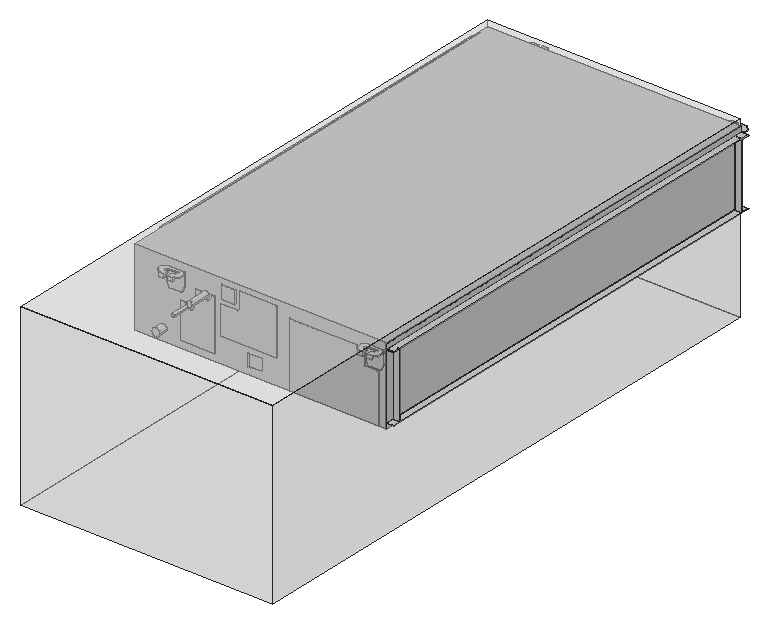
Revit family "outputfile", category 機械設備, Revit 2024
Family settings
  丸型コネクタ寸法 = 半径を使用
  パーツ タイプ = 標準
  OmniClass 番号 = 23.75.10.24.21.27.27
  OmniClass タイトル = Split System Air Conditioning Units
  作業面ベース = いいえ
  常に垂直 = はい
  ロード時にボイドで切り取り = いいえ
  注釈の向きを維持 = いいえ
  共有 = いいえ
  部屋計算ポイント = はい
Parameters (values of type "FBFC140DVM4")
  Description = ""
  製造元 = "Daikin"
  書き出し IFC クラス(タイプ) = "IfcUnitaryEquipmentType"
  定義済み IFC タイプ(タイプ) = "AIRCONDITIONINGUNIT"
  Cost = 0
  モデル = "FBFC140DVM4"
  Type Comments = ""
  Keynote = ""
  Type Image = (empty or 0)
  Assembly Code = ""
  switch_frequency = yes
  r_Liquid Pipe Size = Liquid Pipe Size / 2  # 4.75 mm
  r_Gas Pipe Size = Gas Pipe Size / 2  # 7.95 mm
  r_Drain Pipe Size = Drain Pipe Size / 2  # 12.5 mm
  lw_power = 770.0 mm  # constant formula
  lh_SA = 138.0 mm  # constant formula
  lw_SA = if(Depth = 550.0 mm, 225.0 mm, if(Depth = 700.0 mm, 300.0 mm, if(Depth = 1000.0 mm, 450.0 mm, if(Depth = 1400.0 mm, 650.0 mm, 725.0 mm))))  # 650.0 mm
  lw_RA = if(Depth = 550.0 mm, 275.0 mm, if(Depth = 700.0 mm, 349.0 mm, if(Depth = 1000.0 mm, 499.0 mm, if(Depth = 1400.0 mm, 699.0 mm, 775.0 mm))))  # 699.0 mm
  lh_power = 60.0 mm + [h***]  # 60.0 mm
  lh_mountinghole1 = lh_mountinghole + [h***]  # 222.0 mm
  lh_RA = 123.0 mm  # constant formula
  ld_power = Depth / 2  # 700.0 mm
  connector_voltage = Voltage_50Hz  # 230 V
  connector_powerinput = [Power Input (Cooling)]  # 0.000 kW
  connector_phase = Phase_50Hz  # 1
  Voltage_comment_50Hz = "220 - 240"
  Voltage_50Hz = 230 V
  URL = ""
  Supply Air Direction [instance] = yes
  Sound Power Level_H speed (dB) = 0
  Phase_50Hz = 1
  Minimum External Static Pressure = 50.00 Pa
  Minimum Circuit Amps_50Hz = 0.0 A
  Maximum Fuse Amps_50Hz = 0.0 A
  Maximum External Static Pressure = 150.00 Pa
  Material_Casing = DAIKIN_GalvanizedSteel_Casing_indoorunit
  lw_mountinghole = 630.0 mm  # constant formula
  lh_gaspipe = 183.0 mm + [h***]  # 183.0 mm
  lh_mountinghole = 222.0 mm  # constant formula
  lh_liquidpipe = 136.0 mm + [h***]  # 136.0 mm
  lh_drainpipe = 38.0 mm + [h***]  # 38.0 mm
  lh_antena = Height - lh_mountinghole + 1.0 mm  # 24.0 mm
  ld_drainpipe = Depth / 2 + 26.0 mm  # 726.0 mm
  ld_liquidpipe = Depth / 2 + 69.0 mm  # 769.0 mm
  ld_gaspipe = Depth / 2 + 65.0 mm  # 765.0 mm
  ld_mountinghole = Depth + 38.0 mm  # 1438.0 mm
  h*** = 0.0 mm  # constant formula
  lw_liquidpipe = 179.0 mm  # constant formula
  lw_gaspipe = 229.0 mm  # constant formula
  lw_drainpipe = 91.0 mm  # constant formula
  Width = 800.0 mm
  Version = "ver.1.0"
  Unit Type = "M.S.P. Duct"
  Unit Mass Weight = 46.00 kg
  Unit Designation [instance] = ""
  Uniclass2015Version = "Products v1.30"
  Uniclass2015Title = "Split coil room air conditioning units"
  Uniclass2015Code = "Pr_70_65_03_86"
  Total Cooling Capacity [instance] = 0.000 kW
  Sound Pressure Level_M speed (dBA) = 37.5
  Sound Pressure Level_L speed (dBA) = 35
  Sound Pressure Level_H speed (dBA) = 40
  Series = "SkyAir_Fan Coil Unit"
  Sensible Cooling Capacity [instance] = 0.000 kW
  SA Duct Size Width = 1192.0 mm
  SA Duct Size Height = 176.0 mm
  Refrigerant Type = "R32"
  RA Duct Size Width = 1352.0 mm
  RA Duct Size Height = 208.0 mm
  Power Input (Cooling) = 0.000 kW
  Option Accessory 3 [instance] = ""
  Option Accessory 2 [instance] = ""
  Option Accessory 1 [instance] = ""
  Nominal Cooling Capacity = 14.000 kW
  Minimum Airflow = 1500.00 m³/h
  Median Airflow = 1830.00 m³/h
  Maximum Airflow = 2160.00 m³/h
  Load Classification = HVAC
  Liquid Pipe Size = 9.5 mm
  Link_Nested Family [instance] = ""
  IfcVersion = ""
  IfcExportType = "AIRCONDITIONINGUNIT"
  IfcExportAs = "IfcUnitaryEquipmentType"
  Height = 245.0 mm
  Heat Exchanger Type = "Cross Fin Coil"
  Gas Pipe Size = 15.9 mm
  Frequency_50Hz = 50 Hz
  Fan Type = "Sirocco Fan"
  Fan Drive = "Direct Drive"
  FCU Tag No. [instance] = ""
  Drain Pipe Size = 25.0 mm
  Design Supply Airflow [instance] = 0.00 m³/h
  Design Return Airflow [instance] = 0.00 m³/h
  Design External Static Pressure [instance] = 0.00 Pa
  Depth = 1400.0 mm
  既定の高さ = 0.0 mm
  Cooling Entering Wet Bulb Temperature [instance] = 0.00 °C
  Cooling Entering Dry Bulb Temperature [instance] = 0.00 °C
  Cooling Ambient Wet Bulb Temperature [instance] = 0.00 °C
  Cooling Ambient Dry Bulb Temperature [instance] = 0.00 °C
  Clearance visibility [instance] = yes
  Clearance Top = 20.0 mm
  Clearance Right = 0.0 mm
  Clearance Rear = 0.0 mm
  Clearance Left = 0.0 mm
  Clearance Front = 450.0 mm
  Clearance Bottom = 300.0 mm
Reference planes
  plane 1 "Center (Front/Back)": y = 0
  plane 2 "h": z = 0
  plane 3 "Center (Left/Right)": x = 0
  plane 4 "Back": y = 700
  plane 5 "Front": y = -700
  plane 6 "Left": x = -400
  plane 7 "Right": x = 400
  plane 8 "Top": z = 0
  plane 9 "Bottom": z = -245
  plane 10: y = -215
  plane 11: y = 700
  plane 12: y = -1150
  plane 13: x = -400
  plane 14: x = 400
  plane 15: z = 20
  plane 16: z = -545
  plane 17: x = -400
  plane 18: x = -399
  plane 19: x = 399
  plane 20: y = 50
  plane 21: y = -1
  plane 22: z = -122
  plane 23: y = -701
  plane 24: z = -109
  plane 25: x = -221
  plane 26: y = -765
  plane 27: z = -62
  plane 28: x = -171
  plane 29: y = -726
  plane 30: z = -207
  plane 31: x = -309
  plane 32: x = -309
  plane 33: x = -221
  plane 34: x = -171
  plane 35: x = 370
  plane 36: x = -266
  plane 37: x = 364
  plane 38: y = -719
  plane 39: y = 719
  plane 40: z = -23
  plane 41: z = -107
  plane 42: y = -769
  plane 43: y = -376
  plane 44: x = -251
  plane 45: x = -203
  plane 46: x = -144
  plane 47: z = -59
  plane 48: z = -106
  plane 49: z = -221
  plane 50: z = -109
  plane 51: x = -221
  plane 52: z = -62
  plane 53: x = -171
  plane 54: z = -17
  plane 55: z = -59
  plane 56: x = -121
  plane 57: x = -79
  plane 58: x = -125
  plane 59: x = -64
  plane 60: x = 53
  plane 61: z = -164
  plane 62: z = -73
  plane 63: z = -16
  plane 64: x = 93.5
  plane 65: x = 374.5
  plane 66: x = 330
  plane 67: z = -88.5
  plane 68: z = -38
  plane 69: z = -242.5
  plane 70: x = -38.5
  plane 71: x = 6.5
  plane 72: z = -181
  plane 73: z = -221
  plane 74: y = -699
  plane 75: x = -424
  plane 76: x = 424
Forms (mm)
  Extrusion 1, solid, material "DAIKIN_GalvanizedSteel_Casing_indoorunit" <- "Material_Casing"
    sketch origin (0, 0, 0) x (1, 0, 0) y (0, 1, 0)
      loop
        line (-399, 700) -> (-399, -700) -> (399, -700) -> (399, 700) -> (-399, 700)
    from -245 to 0
  Extrusion 2, solid, material "DAIKIN_GalvanizedSteel_Casing_indoorunit" <- "Material_Casing"
    sketch origin (0, 0, 0) x (1, 0, 0) y (0, 0, 1)
      loop
        line (-251, -221) -> (-144, -221) -> (-144, -59) -> (-154.47, -59)
        arc (-154.47, -59) -> (-171, -78.8) -> (-187.53, -59) r 16.8
        line (-187.53, -59) -> (-203, -59) -> (-203, -106) -> (-206.916, -106)
        arc (-206.916, -106) -> (-221, -123.4) -> (-235.084, -106) r 14.4
        line (-235.084, -106) -> (-251, -106) -> (-251, -221)
    from 700 to 701
  Extrusion 3, solid, material "DAIKIN_GalvanizedSteel_Casing_indoorunit" <- "Material_Casing"
    sketch origin (0, 0, 0) x (1, 0, 0) y (0, 0, 1)
      loop
        line (-121, -17) -> (-121, -59) -> (-79, -59) -> (-79, -17) -> (-121, -17)
      loop
        line (-125, -73) -> (-125, -164) -> (53, -164) -> (53, -16) -> (-64, -16) -> (-64, -73) -> (-125, -73)
    from 700 to 701
  Extrusion 4, solid, material "DAIKIN_GalvanizedSteel_Casing_indoorunit" <- "Material_Casing"
    sketch origin (0, 0, 0) x (1, 0, 0) y (0, 0, 1)
      loop
        line (93.5, -38) -> (93.5, -242.5) -> (374.5, -242.5) -> (374.5, -88.5) -> (330, -88.5) -> (330, -38) -> (93.5, -38)
    from 700 to 701
  Extrusion 5, solid, material "DAIKIN_GalvanizedSteel_Casing_indoorunit" <- "Material_Casing"
    sketch origin (0, 0, 0) x (1, 0, 0) y (0, 0, 1)
      loop
        circle (-221, -109) r 4.75
    from 700 to 769
  Extrusion 6, solid, material "DAIKIN_GalvanizedSteel_Casing_indoorunit" <- "Material_Casing"
    sketch origin (0, 0, 0) x (1, 0, 0) y (0, 0, 1)
      loop
        circle (-171, -62) r 7.95
    from 700 to 765
  Extrusion 7, solid, material "DAIKIN_GalvanizedSteel_Casing_indoorunit" <- "Material_Casing"
    sketch origin (0, 0, 0) x (1, 0, 0) y (0, 0, 1)
      loop
        circle (-309, -207) r 12.5
    from 700 to 726
  Extrusion 8, void
    sketch origin (0, 0, 0) x (1, 0, 0) y (0, 0, 1)
      loop
        line (-38.5, -181) -> (-38.5, -221) -> (6.5, -221) -> (6.5, -181) -> (-38.5, -181)
    from 699 to 700
Cuts and joins
  Extrusion 8 cuts Extrusion 1
Dimensions and locks
  "Height": plane 8 "Top" to plane 9 "Bottom"
  equal spacing: plane 4 "Back", plane 1 "Center (Front/Back)", plane 5 "Front"
  "Depth": plane 4 "Back" to plane 5 "Front"
  equal spacing: plane 6 "Left", plane 3 "Center (Left/Right)", plane 7 "Right"
  "Width": plane 6 "Left" to plane 7 "Right"
  "Clearance Left": plane 13 to plane 6 "Left"
  "Clearance Right": plane 7 "Right" to plane 14
  "Clearance Rear": plane 11 to plane 4 "Back"
  "Clearance Front": plane 5 "Front" to plane 12
  "Clearance Top": plane 15 to plane 8 "Top"
  "Clearance Bottom": plane 9 "Bottom" to plane 16
  locked: plane 17 to plane 18 at 1
  locked: plane 19 to plane 14 at 1
  "lw_SA": plane 11 to plane 20
  "lw_RA": plane 21 to plane 5 "Front"
  "lh_RA": plane 22 to plane 9 "Bottom"
  locked: plane 5 "Front" to plane 23 at 1
  "lw_liquidpipe": plane 25 to plane 6 "Left"
  "lh_liquidpipe": plane 24 to plane 9 "Bottom"
  "lh_gaspipe": plane 27 to plane 9 "Bottom"
  "lw_gaspipe": plane 28 to plane 6 "Left"
  "ld_gaspipe": plane 26 to plane 1 "Center (Front/Back)"
  "ld_drainpipe": plane 29 to plane 1 "Center (Front/Back)"
  "lh_drainpipe": plane 30 to plane 9 "Bottom"
  "lw_drainpipe": plane 31 to plane 6 "Left"
  "lw_drainpipe": plane 6 "Left" to plane 32
  "lw_liquidpipe": plane 6 "Left" to plane 33
  "lw_gaspipe": plane 6 "Left" to plane 34
  "lw_power": plane 6 "Left" to plane 35
  locked: plane 17 to plane 36 at 134
  "lw_mountinghole": plane 36 to plane 37
  equal spacing: plane 38, plane 1 "Center (Front/Back)", plane 39
  "ld_mountinghole": plane 39 to plane 38
  "lh_mountinghole": plane 40 to plane 9 "Bottom"
  "lh_SA": plane 41 to plane 9 "Bottom"
  plane 46 to plane 45 to plane 44 to plane 6 "Left" = 59.0 mm, 48.0 mm, 149.0 mm
  plane 8 "Top" to plane 47 to plane 48 to plane 49 = 59.0 mm locked, 47.0 mm locked, 115.0 mm locked
  plane 53 to plane 51 to plane 6 "Left" = 50.0 mm locked, 179.0 mm locked
  plane 52 to plane 50 to plane 9 "Bottom" = 47.0 mm locked, 136.0 mm locked
  plane 57 to plane 56 to plane 6 "Left" = 42.0 mm locked, 279.0 mm locked
  plane 8 "Top" to plane 54 to plane 55 = 17.0 mm locked, 42.0 mm locked
  plane 60 to plane 59 to plane 58 to plane 6 "Left" = 117.0 mm, 61.0 mm, 275.0 mm
  plane 8 "Top" to plane 63 to plane 62 = 16.0 mm locked, 57.0 mm locked
  locked: plane 63 to plane 61 at 148
  plane 8 "Top" to plane 68 to plane 67 to plane 69 = 38.0 mm locked, 50.5 mm locked, 154.0 mm locked
  plane 65 to plane 66 to plane 64 to plane 6 "Left" = 44.5 mm locked, 236.5 mm locked, 493.5 mm locked
  plane 8 "Top" to plane 72 to plane 73 = 181.0 mm locked, 40.0 mm locked
  plane 71 to plane 70 to plane 6 "Left" = 45.0 mm, 361.5 mm
  locked: plane 74 to plane 5 "Front" at 1
  locked: plane 75 to plane 17 at 24
  locked: plane 14 to plane 76 at 24
  "ld_liquidpipe": plane 42 to plane 1 "Center (Front/Back)"
  "r_Liquid Pipe Size": radius of Extrusion 5 sketch curve
  "r_Gas Pipe Size": radius of Extrusion 6 sketch curve
  "r_Drain Pipe Size": radius of Extrusion 7 sketch curve
  aligned and locked: level to plane 2 "h"
  aligned and locked: plane 8 "Top" to Extrusion 1
  aligned and locked: Extrusion 1 to plane 9 "Bottom"
  aligned and locked: nested 5 to plane 12
  aligned and locked: plane 13 to nested 5
  aligned and locked: plane 14 to nested 5
  aligned and locked: nested 5 to plane 13
  aligned and locked: plane 11 to nested 5
  aligned and locked: plane 15 to nested 5
  aligned and locked: plane 16 to nested 5
  aligned and locked: plane 5 "Front" to Extrusion 1 sketch curve
  aligned and locked: Extrusion 1 to plane 18
  aligned and locked: plane 19 to Extrusion 1
  aligned and locked: nested 7 to plane 18
  aligned and locked: nested 7 to plane 20
  aligned and locked: plane 19 to nested 8
  aligned and locked: plane 21 to nested 8
  aligned and locked: plane 22 to nested 8
  aligned and locked: Extrusion 2 to plane 23
  aligned and locked: plane 5 "Front" to Extrusion 2
  aligned and locked: Extrusion 3 to plane 23
  aligned and locked: plane 5 "Front" to Extrusion 3
  aligned and locked: plane 5 "Front" to Extrusion 4
  aligned and locked: Extrusion 5 sketch curve to plane 25
  aligned and locked: plane 24 to Extrusion 5 sketch curve
  aligned and locked: plane 5 "Front" to Extrusion 5
  aligned and locked: Extrusion 6 sketch curve to plane 28
  aligned and locked: plane 27 to Extrusion 6 sketch curve
  aligned and locked: plane 5 "Front" to Extrusion 6
  aligned and locked: Extrusion 7 sketch curve to plane 31
  aligned and locked: plane 30 to Extrusion 7 sketch curve
  aligned and locked: Extrusion 7 to plane 29
  aligned and locked: nested 3 to plane 29
  aligned and locked: nested 3 to plane 32
  aligned and locked: nested 2 to plane 33
  aligned and locked: nested 1 to plane 34
  aligned and locked: Extrusion 6 to plane 26
  aligned and locked: nested 1 to plane 26
  aligned and locked: nested 6 to plane 5 "Front"
  aligned and locked: nested 6 to plane 35
  aligned and locked: plane 36 to nested 10
  aligned and locked: nested 10 to plane 5 "Front"
  aligned and locked: plane 37 to nested 9
  aligned and locked: nested 9 to plane 5 "Front"
  aligned and locked: nested 11 to plane 36
  aligned and locked: plane 4 "Back" to nested 11
  aligned and locked: nested 12 to plane 37
  aligned and locked: plane 4 "Back" to nested 12
  aligned and locked: plane 40 to nested 10
  aligned and locked: plane 40 to nested 11
  aligned and locked: plane 40 to nested 9
  aligned and locked: plane 40 to nested 12
  aligned and locked: plane 36 to nested 14
  aligned and locked: nested 14 to plane 39
  aligned and locked: plane 37 to nested 13
  aligned and locked: nested 13 to plane 39
  aligned and locked: plane 37 to nested 16
  aligned and locked: plane 38 to nested 16
  aligned and locked: plane 38 to nested 15
  aligned and locked: plane 36 to nested 15
  aligned and locked: plane 17 to plane 6 "Left"
  aligned and locked: plane 41 to nested 7
  aligned and locked: Extrusion 5 to plane 42
  aligned and locked: nested 2 to plane 42
  aligned and locked: Extrusion 3 sketch curve to plane 54
  aligned and locked: Extrusion 3 sketch curve to plane 56
  aligned and locked: plane 55 to Extrusion 3 sketch curve
  aligned and locked: plane 57 to Extrusion 3 sketch curve
  aligned and locked: Extrusion 4 to plane 23
  aligned and locked: Extrusion 8 sketch curve to plane 72
  aligned and locked: plane 73 to Extrusion 8 sketch curve
  aligned and locked: plane 71 to Extrusion 8 sketch curve
  aligned and locked: plane 5 "Front" to Extrusion 8
  aligned and locked: plane 74 to Extrusion 8
  aligned and locked: nested 17 to plane 20
  aligned and locked: nested 17 to plane 75
  aligned and locked: plane 21 to nested 18
  aligned and locked: plane 76 to nested 18
  aligned and locked: plane 41 to nested 17
  aligned and locked: nested 18 to plane 22
  aligned and locked: nested 4 to plane 3 "Center (Left/Right)"
  aligned and locked: plane 1 "Center (Front/Back)" to nested 4
  aligned and locked: level to plane 8 "Top"
  aligned and locked: plane 5 "Front" to Extrusion 7
Automatic sketch dimensions
  plane 6 "Left" to Extrusion 1 sketch curve = 1.0 mm
  Extrusion 1 sketch curve to plane 7 "Right" = 1.0 mm
  Extrusion 1 sketch curve to plane 4 "Back" = 0.0 mm
  Extrusion 2 sketch curve to plane 44 = 0.0 mm
  Extrusion 2 sketch curve to plane 33 = 0.0 mm
  Extrusion 2 sketch curve to plane 45 = 0.0 mm
  Extrusion 2 sketch curve to plane 34 = 0.0 mm
  Extrusion 2 sketch curve to plane 46 = 0.0 mm
  Extrusion 2 sketch curve to plane 49 = 0.0 mm
  Extrusion 2 sketch curve to plane 50 = 0.0 mm
  Extrusion 2 sketch curve to plane 48 = 0.0 mm  (x3)
  Extrusion 2 sketch curve to plane 52 = 0.0 mm
  Extrusion 2 sketch curve to plane 47 = 0.0 mm  (x3)
  plane 33 to Extrusion 2 sketch curve = 14.084 mm
  plane 34 to Extrusion 2 sketch curve = 16.53 mm
  Extrusion 3 sketch curve to plane 58 = 0.0 mm
  Extrusion 3 sketch curve to plane 59 = 0.0 mm
  Extrusion 3 sketch curve to plane 60 = 0.0 mm
  Extrusion 3 sketch curve to plane 61 = 0.0 mm
  Extrusion 3 sketch curve to plane 62 = 0.0 mm
  Extrusion 3 sketch curve to plane 63 = 0.0 mm
  Extrusion 4 sketch curve to plane 64 = 0.0 mm
  Extrusion 4 sketch curve to plane 66 = 0.0 mm
  Extrusion 4 sketch curve to plane 65 = 0.0 mm
  Extrusion 4 sketch curve to plane 69 = 0.0 mm
  Extrusion 4 sketch curve to plane 67 = 0.0 mm
  Extrusion 4 sketch curve to plane 68 = 0.0 mm
  Extrusion 8 sketch curve to plane 70 = 0.0 mm
Nested families
  nested 1: "daikin_connector_rotate2" at (-171, 0, -62), length <- "ld_gaspipe", built-in parameter 1001364 <- "lh_gaspipe", radius <- "r_Gas Pipe Size", type "daikin_connector_rotate2"
    with radius 7.95 mm, length 765.0 mm, angle_vertical 90.00°
  nested 2: "daikin_connector_rotate2" at (-221, 0, -109), length <- "ld_liquidpipe", built-in parameter 1001364 <- "lh_liquidpipe", radius <- "r_Liquid Pipe Size", type "daikin_connector_rotate2"
    with radius 4.75 mm, length 769.0 mm, angle_vertical 90.00°
  nested 3: "daikin_connector_rotate2" at (-309, 0, -207), length <- "ld_drainpipe", built-in parameter 1001364 <- "lh_drainpipe", radius <- "r_Drain Pipe Size", type "daikin_connector_rotate2"
    with radius 12.5 mm, length 726.0 mm, angle_vertical 90.00°
  nested 4: "daikin_△_symbolicline" at (0, 0, 245) x (0, -1, 0) z (0, 0, 1), built-in parameter 1001364 <- "Height", visible <- "Supply Air Direction", type "daikin_△_symbolicline"
    with length 200.0 mm
  nested 5: "daikin_clearancespace" at (0, -225, -262.381), visible <- "Clearance visibility", show <- "Clearance visibility", Link_Nested Family <- "Link_Nested Family", type "daikin_clearancespace"
    with width 800.0 mm, show yes, height 565.0 mm, depth 1850.0 mm, Link_Nested Family ""
  nested 6: "daikin_connector_rotate2" at (370, 0, -185), built-in parameter 1001364 <- "lh_power", length <- "ld_power", type "daikin_connector_rotate2"
    with radius 10.0 mm, length 700.0 mm, angle_vertical 90.00°
  nested 7: "daikin_ductflange_FBFC-DVM42" at (-399, 50, -107) x (0, -1, 0) z (0, 0, 1), type "daikin_ductflange_FBFC-DVM42"
  nested 8: "daikin_ductflange_FBFC-DVM4" at (399, -1, -122) x (0, 1, 0) z (0, 0, 1), type "daikin_ductflange_FBFC-DVM4"
    with width 1352.0 mm, lw 25.0 mm, w 1400.0 mm
  nested 9: "daikin_hangerfixture_FBFC-DVM4" at (364, -700, -23), type "daikin_hangerfixture_FBFC-DVM4"
  nested 10: "daikin_hangerfixture_FBFC-DVM4" at (-266, -700, -23), type "daikin_hangerfixture_FBFC-DVM4"
  nested 11: "daikin_hangerfixture_FBFC-DVM4" at (-266, 700, -23) x (-1, 0, 0) z (0, 0, 1), type "daikin_hangerfixture_FBFC-DVM4"
  nested 12: "daikin_hangerfixture_FBFC-DVM4" at (364, 700, -23) x (-1, 0, 0) z (0, 0, 1), type "daikin_hangerfixture_FBFC-DVM4"
  nested 13: "daikin_mountinghole" at (364, 719, -245), h_mountinghole <- "lh_mountinghole1", l_antenna <- "lh_antena", Link_Nested Family <- "Link_Nested Family", type "daikin_mountinghole"
    with show yes, l_antenna 24.0 mm, h_mountinghole 222.0 mm, Link_Nested Family ""
  nested 14: "daikin_mountinghole" at (-266, 719, -245), h_mountinghole <- "lh_mountinghole1", l_antenna <- "lh_antena", Link_Nested Family <- "Link_Nested Family", type "daikin_mountinghole"
    with show yes, l_antenna 24.0 mm, h_mountinghole 222.0 mm, Link_Nested Family ""
  nested 15: "daikin_mountinghole" at (-266, -719, -245), h_mountinghole <- "lh_mountinghole1", l_antenna <- "lh_antena", Link_Nested Family <- "Link_Nested Family", type "daikin_mountinghole"
    with show yes, l_antenna 24.0 mm, h_mountinghole 222.0 mm, Link_Nested Family ""
  nested 16: "daikin_mountinghole" at (364, -719, -245), h_mountinghole <- "lh_mountinghole1", l_antenna <- "lh_antena", Link_Nested Family <- "Link_Nested Family", type "daikin_mountinghole"
    with show yes, l_antenna 24.0 mm, h_mountinghole 222.0 mm, Link_Nested Family ""
  nested 17: "daikin_connector_rotate2" at (-400, 50, -107) x (0, -1, 0) z (0, 0, 1), type "daikin_connector_rotate2"
    with radius 10.0 mm, length 24.0 mm, angle_vertical 90.00°
  nested 18: "daikin_connector_rotate2" at (400, -1, -122) x (0, 1, 0) z (0, 0, 1), type "daikin_connector_rotate2"
    with radius 10.0 mm, length 24.0 mm, angle_vertical 90.00°
Connectors
  piping at (-309, -726, -207), diameter 25, driven by "r_Drain Pipe Size"
    settings: on nested 3, index 3, connector inside diameter 609.6 mm, connector length 0.0 mm, flow factor 0, pipe flow 0.00 m³/h, pressure drop 0.0 Pa, fitting loss kfactor 0, connector angle 0.00°, fixture units 0, engagement length 0.0 mm, angle of deflection 0.00°, flow configuration 1, flow direction 2, fitting loss method 4, system type 16, joint type 0, gender type 0, connector reference index -1, connector utility 0, adjustable connector no, is connector primary yes, connector description "Condensate Drain Piping"
  piping at (-171, -765, -62), diameter 15.9, driven by "r_Gas Pipe Size"
    settings: on nested 1, index 4, connector inside diameter 609.6 mm, connector length 0.0 mm, flow factor 0, pipe flow 0.00 m³/h, pressure drop 0.0 Pa, fitting loss kfactor 0, connector angle 0.00°, fixture units 0, engagement length 0.0 mm, angle of deflection 0.00°, flow configuration 1, flow direction 2, fitting loss method 0, system type 29, joint type 0, gender type 0, connector reference index -1, connector utility 0, adjustable connector no, is connector primary no, connector description "Refrigerant Gas Piping"
  piping at (-221, -769, -109), diameter 9.5, driven by "r_Liquid Pipe Size"
    settings: on nested 2, index 5, connector inside diameter 609.6 mm, connector length 0.0 mm, flow factor 0, pipe flow 0.00 m³/h, pressure drop 0.0 Pa, fitting loss kfactor 0, connector angle 0.00°, fixture units 0, engagement length 0.0 mm, angle of deflection 0.00°, flow configuration 1, flow direction 1, fitting loss method 0, system type 29, joint type 0, gender type 0, connector reference index -1, connector utility 0, adjustable connector no, is connector primary no, connector description "Refrigerant Liquid Piping"
  electrical at (370, -700, -185), driven by "Load Classification", driven by "connector_powerinput", driven by "connector_voltage", driven by "connector_phase"
    settings: on nested 6, index 6, voltage 230 V, apparent load 0 VA, apparent load phase1 0 VA, apparent load phase2 0 VA, apparent load phase3 0 VA, power factor 1, load classification "HVAC", number of poles 1, system type 30, power factor state 1, is connector primary yes, connector utility no, sub classification motor no, connector description "Power Supply"
  hvac at (-424, 50, -107), driven by "SA Duct Size Height", driven by "SA Duct Size Width"
    settings: on nested 17, index 7, duct flow 0.00 m³/h, flow factor 0, pres drop 0.00 Pa, loss coef 0, conn angle 0.00°, conn width 1192.0 mm, conn height 176.0 mm, conn diameter 609.6 mm, duct sys type 1, conn prof type 1, flow config 0, flow direction 2, loss method 4, conn ref index -1, conn util no, is conn primary yes, conn desc "SA Duct"
  hvac at (424, -1, -122), driven by "RA Duct Size Height", driven by "RA Duct Size Width"
    settings: on nested 18, index 8, duct flow 0.00 m³/h, flow factor 0, pres drop 0.00 Pa, loss coef 0, conn angle 0.00°, conn width 1352.0 mm, conn height 208.0 mm, conn diameter 609.6 mm, duct sys type 2, conn prof type 1, flow config 0, flow direction 1, loss method 4, conn ref index -1, conn util no, is conn primary no, conn desc "RA Duct"
Definition of nested family "daikin_clearancespace"
  Parameters (values of type "daikin_clearancespace")
    Description = "daikin_clearancespace"
    width [instance] = 1823.963 mm
    show [instance] = yes
    material = none
    height [instance] = 1359.762 mm
    depth [instance] = 880.0 mm
    Default Elevation = 0.0 mm
    Link_Nested Family [instance] = ""
  Reference planes
    plane 1 "Center (Front/Back)": y = 0
    plane 2 "Center (Elevation)": z = -0.119
    plane 3 "Center (Left/Right)": x = 0
    plane 4: y = 440
    plane 5: y = -440
    plane 6 "Right": x = 911.982
    plane 7 "Left": x = -911.982
    plane 8 "Top": z = 679.762
    plane 9 "Bottom": z = -680
  Forms (mm)
    Extrusion 1, solid, material <- "material", visible <- "show"
      sketch origin (0, 0, 0) x (1, 0, 0) y (0, 1, 0)
        loop
          line (-911.982, 440) -> (-911.982, -440) -> (911.982, -440) -> (911.982, 440) -> (-911.982, 440)
      from -680 to 679.762
  Lines and regions (mm)
    symbolic lines, visible <- "show"
      curve 1: line (911.982, 440, 0) -> (-911.982, 440, 0)
      curve 2: line (-911.982, 440, 0) -> (-911.982, -440, 0)
      curve 3: line (-911.982, -440, 0) -> (911.982, -440, 0)
      curve 4: line (911.982, -440, 0) -> (911.982, 440, 0)
      curve 5: line (911.982, 0, 679.762) -> (-911.982, 0, 679.762)
      curve 6: line (911.982, 0, -680) -> (911.982, 0, 679.762)
      curve 7: line (-911.982, 0, -680) -> (911.982, 0, -680)
      curve 8: line (-911.982, 0, 679.762) -> (-911.982, 0, -680)
      curve 9: line (0, 440, 679.762) -> (0, -440, 679.762)
      curve 10: line (0, -440, 679.762) -> (0, -440, -680)
      curve 11: line (0, 440, -680) -> (0, 440, 679.762)
      curve 12: line (0, -440, -680) -> (0, 440, -680)
  Dimensions and locks
    "width": plane 7 "Left" to plane 6 "Right"
    "depth": plane 4 to plane 5
    "height": plane 8 "Top" to plane 9 "Bottom"
    equal spacing: plane 7 "Left", plane 3 "Center (Left/Right)", plane 6 "Right"
    equal spacing: plane 4, plane 1 "Center (Front/Back)", plane 5
    equal spacing: plane 8 "Top", plane 2 "Center (Elevation)", plane 9 "Bottom"
    aligned and locked: level to plane 2 "Center (Elevation)"
    aligned and locked: Extrusion 1 sketch curve to plane 4
    aligned and locked: plane 7 "Left" to Extrusion 1 sketch curve
    aligned and locked: Extrusion 1 sketch curve to plane 5
    aligned and locked: Extrusion 1 sketch curve to plane 6 "Right"
    aligned and locked: plane 8 "Top" to Extrusion 1
    aligned and locked: curve 1 to Extrusion 1
    aligned and locked: curve 2 to Extrusion 1
    aligned and locked: curve 3 to Extrusion 1
    aligned and locked: curve 4 to Extrusion 1
    aligned and locked: curve 5 to Extrusion 1
    aligned and locked: curve 6 to Extrusion 1
    aligned and locked: curve 7 to Extrusion 1
    aligned and locked: curve 8 to Extrusion 1
    aligned and locked: curve 9 to Extrusion 1
    aligned and locked: curve 10 to Extrusion 1
    aligned and locked: curve 11 to Extrusion 1
    aligned and locked: curve 12 to Extrusion 1
    aligned and locked: Extrusion 1 to plane 9 "Bottom"
Definition of nested family "daikin_ductflange_FBFC-DVM42"
  Parameters (values of type "daikin_ductflange_FBFC-DVMG2")
    width = if(w = 550.0 mm, 337.0 mm, if(w = 700.0 mm, 492.0 mm, if(w = 1000.0 mm, 792.0 mm, if(w = 1400.0 mm, 1192.0 mm, 1337.0 mm))))  # 1192.0 mm
    material = none
    height = 215.0 mm
    depth = 1.0 mm
    w = 1400.0 mm
    Default Elevation = 0.0 mm
  Reference planes
    plane 1 "Center (Front/Back)": y = 0
    plane 2: z = 0
    plane 3 "Center (Left/Right)": x = 0
    plane 4: z = 88
    plane 5: z = -88
    plane 6: y = -25
    plane 7: z = 106
    plane 8: z = 89
    plane 9: y = -1
    plane 10: x = -617.5
    plane 11: x = 617.5
    plane 12: z = -106
    plane 13: z = -89
    plane 14: y = -1
    plane 15: x = 596
    plane 16: x = -596
    plane 17: x = 597
    plane 18: z = 87
    plane 19: z = -87
    plane 20: x = -597
    plane 21: z = 87
    plane 22: z = -87
    plane 23: y = -1
  Forms (mm)
    Extrusion 1, solid, material <- "material"
      sketch origin (0, 0, 0) x (0, 1, 0) y (0, 0, 1)
        loop
          line (-25, 88) -> (0, 88) -> (0, 106) -> (-1, 106) -> (-1, 89) -> (-25, 89) -> (-25, 88)
      from -617.5 to 617.5
    Extrusion 2, solid, material <- "material"
      sketch origin (0, 0, 0) x (0, 1, 0) y (0, 0, 1)
        loop
          line (-25, -88) -> (-25, -89) -> (-1, -89) -> (-1, -106) -> (0, -106) -> (0, -88) -> (-25, -88)
      from -617.5 to 617.5
    Extrusion 3, solid, material <- "material"
      sketch origin (0, 0, 0) x (1, 0, 0) y (0, 0, 1)
        loop
          line (596, 88) -> (596, -88) -> (617.5, -88) -> (617.5, -87) -> (597, -87) -> (597, 87) -> (617.5, 87) -> (617.5, 88) -> (596, 88)
      from 0 to 25
    Extrusion 4, solid, material <- "material"
      sketch origin (0, 0, 0) x (1, 0, 0) y (0, 0, 1)
        loop
          line (-617.5, 88) -> (-617.5, 87) -> (-597, 87) -> (-597, -87) -> (-617.5, -87) -> (-617.5, -88) -> (-596, -88) -> (-596, 88) -> (-617.5, 88)
      from 0 to 25
    Extrusion 5, solid, material <- "material"
      sketch origin (0, 0, 0) x (1, 0, 0) y (0, 0, 1)
        loop
          line (-617.5, 88) -> (-617.5, -88) -> (-596, -88) -> (-596, 88) -> (-617.5, 88)
        loop
          line (617.5, 88) -> (596, 88) -> (596, -88) -> (617.5, -88) -> (617.5, 88)
      from 0 to 1
  Cuts and joins
    joined: Extrusion 1, Extrusion 2, Extrusion 3, Extrusion 4, Extrusion 5
  Dimensions and locks
    plane 4 to level to plane 5 = 88.0 mm, 88.0 mm
    locked: plane 6 to plane 1 "Center (Front/Back)" at 25
    locked: plane 9 to plane 1 "Center (Front/Back)" at 1
    locked: plane 8 to plane 4 at 1
    locked: plane 16 to plane 10 at 21.5
    locked: plane 17 to plane 15 at 1
    locked: plane 4 to plane 18 at 1
    locked: plane 19 to plane 5 at 1
    "width": plane 15 to plane 16
    plane 4 to plane 5 = 176.0 mm
    locked: plane 16 to plane 20 at 1
    locked: plane 4 to plane 21 at 1
    locked: plane 22 to plane 5 at 1
    locked: plane 23 to plane 1 "Center (Front/Back)" at 1
    plane 4 to level to plane 5 = 88.0 mm locked, 88.0 mm locked
    locked: plane 5 to plane 13 at 1
    locked: plane 5 to plane 12 at 18
    locked: plane 7 to plane 4 at 18
    equal spacing: plane 15, plane 3 "Center (Left/Right)", plane 16
    locked: plane 11 to plane 15 at 21.5
    plane 11 to plane 10 = 1235.0 mm
    aligned and locked: level to plane 2
    aligned and locked: Extrusion 1 to plane 10
    aligned and locked: plane 11 to Extrusion 1
    aligned and locked: plane 5 to Extrusion 2
    aligned and locked: Extrusion 2 to plane 1 "Center (Front/Back)"
    aligned and locked: plane 15 to Extrusion 3 sketch curve
    aligned and locked: Extrusion 3 sketch curve to Extrusion 2  (x2)
    aligned and locked: Extrusion 3 sketch curve to plane 11
    aligned and locked: plane 6 to Extrusion 3
    aligned and locked: Extrusion 2 to plane 10
    aligned and locked: plane 11 to Extrusion 2
    aligned and locked: Extrusion 4 sketch curve to Extrusion 1  (x2)
    aligned and locked: plane 5 to Extrusion 4 sketch curve
    aligned and locked: Extrusion 4 sketch curve to plane 16
    aligned and locked: Extrusion 4 sketch curve to plane 22
    aligned and locked: plane 20 to Extrusion 4 sketch curve
    aligned and locked: plane 21 to Extrusion 4 sketch curve
    aligned and locked: Extrusion 4 to plane 1 "Center (Front/Back)"
    aligned and locked: plane 6 to Extrusion 4
    aligned and locked: Extrusion 5 sketch curve to Extrusion 1  (x4)
    aligned and locked: Extrusion 5 sketch curve to Extrusion 4  (x2)
    aligned and locked: Extrusion 5 sketch curve to Extrusion 3  (x2)
    aligned and locked: Extrusion 5 to plane 1 "Center (Front/Back)"
    aligned and locked: plane 23 to Extrusion 5
  Automatic sketch dimensions
    Extrusion 1 sketch curve to plane 6 = 0.0 mm
    Extrusion 1 sketch curve to plane 7 = 0.0 mm
    Extrusion 1 sketch curve to plane 9 = 0.0 mm
    Extrusion 1 sketch curve to plane 1 "Center (Front/Back)" = 0.0 mm
    Extrusion 1 sketch curve to plane 4 = 0.0 mm
    Extrusion 1 sketch curve to plane 8 = 0.0 mm
    Extrusion 2 sketch curve to plane 6 = 0.0 mm
    plane 12 to Extrusion 2 sketch curve = 0.0 mm
    Extrusion 2 sketch curve to plane 14 = 0.0 mm
    Extrusion 2 sketch curve to plane 1 "Center (Front/Back)" = 0.0 mm
    plane 13 to Extrusion 2 sketch curve = 0.0 mm
    Extrusion 2 sketch curve to plane 5 = 0.0 mm
    Extrusion 3 sketch curve to plane 17 = 0.0 mm
    Extrusion 3 sketch curve to plane 19 = 0.0 mm
    Extrusion 3 sketch curve to plane 18 = 0.0 mm
    Extrusion 3 sketch curve to plane 4 = 0.0 mm
    Extrusion 4 sketch curve to plane 10 = 0.0 mm
Definition of nested family "daikin_ductflange_FBFC-DVM4"
  Parameters (values of type "daikin_ductflange_FBFC-DVMG")
    width = if(w = 550.0 mm, 502.0 mm, if(w = 700.0 mm, 654.0 mm, if(w = 1000.0 mm, 952.0 mm, if(w = 1400.0 mm, 1352.0 mm, 1502.0 mm))))  # 654.0 mm
    material = none
    lw = if(width = 654.0 mm, 23.0 mm, 25.0 mm)  # 23.0 mm
    height = 208.0 mm
    depth = 1.0 mm
    w = 700.0 mm
    Default Elevation = 0.0 mm
  Reference planes
    plane 1 "Center (Front/Back)": y = 0
    plane 2: z = 0
    plane 3 "Center (Left/Right)": x = 0
    plane 4: z = 104
    plane 5: z = -104
    plane 6: y = -25
    plane 7: z = 121
    plane 8: z = 105
    plane 9: y = -1
    plane 10: x = -350
    plane 11: x = 350
    plane 12: z = -122
    plane 13: z = -105
    plane 14: y = -1
    plane 15: x = 327
    plane 16: x = -327
    plane 17: x = 328
    plane 18: z = 103
    plane 19: z = -103
    plane 20: x = -328
    plane 21: z = 103
    plane 22: z = -103
    plane 23: y = -1
  Forms (mm)
    Extrusion 1, solid, material <- "material"
      sketch origin (0, 0, 0) x (0, 1, 0) y (0, 0, 1)
        loop
          line (-25, 104) -> (0, 104) -> (0, 121) -> (-1, 121) -> (-1, 105) -> (-25, 105) -> (-25, 104)
      from -350 to 350
    Extrusion 2, solid, material <- "material"
      sketch origin (0, 0, 0) x (0, 1, 0) y (0, 0, 1)
        loop
          line (-25, -104) -> (-25, -105) -> (-1, -105) -> (-1, -122) -> (0, -122) -> (0, -104) -> (-25, -104)
      from -350 to 350
    Extrusion 3, solid, material <- "material"
      sketch origin (0, 0, 0) x (1, 0, 0) y (0, 0, 1)
        loop
          line (327, 104) -> (327, -104) -> (350, -104) -> (350, -103) -> (328, -103) -> (328, 103) -> (350, 103) -> (350, 104) -> (327, 104)
      from 0 to 25
    Extrusion 4, solid, material <- "material"
      sketch origin (0, 0, 0) x (1, 0, 0) y (0, 0, 1)
        loop
          line (-350, 104) -> (-350, 103) -> (-328, 103) -> (-328, -103) -> (-350, -103) -> (-350, -104) -> (-327, -104) -> (-327, 104) -> (-350, 104)
      from 0 to 25
    Extrusion 5, solid, material <- "material"
      sketch origin (0, 0, 0) x (1, 0, 0) y (0, 0, 1)
        loop
          line (-350, 104) -> (-350, -104) -> (-327, -104) -> (-327, 104) -> (-350, 104)
        loop
          line (350, 104) -> (327, 104) -> (327, -104) -> (350, -104) -> (350, 104)
      from 0 to 1
  Cuts and joins
    joined: Extrusion 1, Extrusion 2, Extrusion 3, Extrusion 4, Extrusion 5
  Dimensions and locks
    plane 4 to level to plane 5 = 104.0 mm, 104.0 mm
    locked: plane 6 to plane 1 "Center (Front/Back)" at 25
    locked: plane 9 to plane 1 "Center (Front/Back)" at 1
    locked: plane 8 to plane 4 at 1
    "lw": plane 11 to plane 15
    "lw": plane 16 to plane 10
    locked: plane 17 to plane 15 at 1
    locked: plane 4 to plane 18 at 1
    locked: plane 19 to plane 5 at 1
    "width": plane 15 to plane 16
    equal spacing: plane 15, plane 3 "Center (Left/Right)", plane 16
    locked: plane 16 to plane 20 at 1
    locked: plane 4 to plane 21 at 1
    locked: plane 22 to plane 5 at 1
    locked: plane 23 to plane 1 "Center (Front/Back)" at 1
    locked: plane 7 to plane 4 at 17
    locked: plane 1 "Center (Front/Back)" to plane 14 at 1
    locked: plane 5 to plane 13 at 1
    "height": plane 4 to plane 5
    plane 11 to plane 10 = 700.0 mm
    locked: plane 12 to plane 13 at 17
    equal spacing: plane 4, level, plane 5
    aligned and locked: level to plane 2
    aligned and locked: Extrusion 1 to plane 10
    aligned and locked: plane 11 to Extrusion 1
    aligned and locked: plane 5 to Extrusion 2
    aligned and locked: Extrusion 2 to plane 1 "Center (Front/Back)"
    aligned and locked: plane 15 to Extrusion 3 sketch curve
    aligned and locked: Extrusion 3 sketch curve to Extrusion 2  (x2)
    aligned and locked: Extrusion 3 sketch curve to plane 11
    aligned and locked: plane 6 to Extrusion 3
    aligned and locked: Extrusion 2 to plane 10
    aligned and locked: plane 11 to Extrusion 2
    aligned and locked: Extrusion 4 sketch curve to Extrusion 1  (x2)
    aligned and locked: plane 5 to Extrusion 4 sketch curve
    aligned and locked: Extrusion 4 sketch curve to plane 16
    aligned and locked: Extrusion 4 sketch curve to plane 22
    aligned and locked: plane 20 to Extrusion 4 sketch curve
    aligned and locked: plane 21 to Extrusion 4 sketch curve
    aligned and locked: Extrusion 4 to plane 1 "Center (Front/Back)"
    aligned and locked: plane 6 to Extrusion 4
    aligned and locked: Extrusion 5 sketch curve to Extrusion 1  (x4)
    aligned and locked: Extrusion 5 sketch curve to Extrusion 4  (x2)
    aligned and locked: Extrusion 5 sketch curve to Extrusion 3  (x2)
    aligned and locked: Extrusion 5 to plane 1 "Center (Front/Back)"
    aligned and locked: plane 23 to Extrusion 5
  Automatic sketch dimensions
    Extrusion 1 sketch curve to plane 6 = 0.0 mm
    Extrusion 1 sketch curve to plane 7 = 0.0 mm
    Extrusion 1 sketch curve to plane 9 = 0.0 mm
    Extrusion 1 sketch curve to plane 1 "Center (Front/Back)" = 0.0 mm
    Extrusion 1 sketch curve to plane 4 = 0.0 mm
    Extrusion 1 sketch curve to plane 8 = 0.0 mm
    Extrusion 2 sketch curve to plane 6 = 0.0 mm
    plane 12 to Extrusion 2 sketch curve = 0.0 mm
    Extrusion 2 sketch curve to plane 14 = 0.0 mm
    Extrusion 2 sketch curve to plane 1 "Center (Front/Back)" = 0.0 mm
    plane 13 to Extrusion 2 sketch curve = 0.0 mm
    Extrusion 2 sketch curve to plane 5 = 0.0 mm
    Extrusion 3 sketch curve to plane 17 = 0.0 mm
    Extrusion 3 sketch curve to plane 19 = 0.0 mm
    Extrusion 3 sketch curve to plane 18 = 0.0 mm
    Extrusion 3 sketch curve to plane 4 = 0.0 mm
    Extrusion 4 sketch curve to plane 10 = 0.0 mm
Definition of nested family "daikin_hangerfixture_FBFC-DVM4"
  Parameters (values of type "daikin_hangerfixture_FXMQ-PAVE")
    width = 72.0 mm
    material = none
    height = 60.0 mm
    depth = 41.0 mm
    Default Elevation = 0.0 mm
  Reference planes
    plane 1 "Center (Front/Back)": y = 0
    plane 2: z = 0
    plane 3 "Center (Left/Right)": x = 0
    plane 4: y = 417.146
    plane 5: y = -41
    plane 6: x = -36
    plane 7: x = 36
    plane 8: z = -2.3
    plane 9: z = -60
    plane 10: y = -2.3
    plane 11: z = -12
    plane 12: y = -38.7
  Forms (mm)
    Extrusion 1, solid, material <- "material"
      sketch origin (0, 0, 0) x (1, 0, 0) y (0, 1, 0)
        loop
          line (-28, 0) -> (-28, -5)
          arc (-28, -5) -> (-29.127, -8.162) -> (-32, -9.899) r 5
          arc (-32, -9.899) -> (-34.873, -11.636) -> (-36, -14.798) r 5
          line (-36, -14.798) -> (-36, -27.178)
          arc (-36, -27.178) -> (-35.429, -29.499) -> (-33.846, -31.289) r 5
          line (-33.846, -31.289) -> (-23, -38.798) -> (-23, -41.098) -> (-6.5, -41.098) -> (-6.5, -28.498)
          arc (-6.5, -28.498) -> (-7.379, -26.377) -> (-9.5, -25.498) r 3
          line (-9.5, -25.498) -> (-13.5, -25.498)
          arc (-13.5, -25.498) -> (-20, -18.998) -> (-13.5, -12.498) r 6.5
          line (-13.5, -12.498) -> (13.5, -12.498)
          arc (13.5, -12.498) -> (20, -18.998) -> (13.5, -25.498) r 6.5
          line (13.5, -25.498) -> (9.5, -25.498)
          arc (9.5, -25.498) -> (7.379, -26.377) -> (6.5, -28.498) r 3
          line (6.5, -28.498) -> (6.5, -41.098) -> (23, -41.098) -> (23, -38.798) -> (33.846, -31.289)
          arc (33.846, -31.289) -> (35.429, -29.499) -> (36, -27.178) r 5
          line (36, -27.178) -> (36, -14.596)
          arc (36, -14.596) -> (34.873, -11.434) -> (32, -9.697) r 5
          arc (32, -9.697) -> (29.127, -7.96) -> (28, -4.798) r 5
          line (28, -4.798) -> (28, 0) -> (-28, 0)
      from 0 to -2.3
    Extrusion 2, solid, material <- "material"
      sketch origin (0, 0, 0) x (1, 0, 0) y (0, 0, 1)
        loop
          line (28, -39.037) -> (28, 0) -> (-28, 0) -> (-28, -39.037)
          arc (-28, -39.037) -> (-27.91, -39.983) -> (-27.642, -40.894) r 5
          line (-27.642, -40.894) -> (-21.257, -56.857)
          arc (-21.257, -56.857) -> (-19.418, -59.14) -> (-16.615, -60) r 5
          line (-16.615, -60) -> (16.615, -60)
          arc (16.615, -60) -> (19.418, -59.14) -> (21.257, -56.857) r 5
          line (21.257, -56.857) -> (27.642, -40.894)
          arc (27.642, -40.894) -> (27.91, -39.983) -> (28, -39.037) r 5
      from 0 to 2.3
    Extrusion 3, solid, material <- "material"
      sketch origin (0, 0, 0) x (1, 0, 0) y (0, 0, 1)
        loop
          line (-23, 0) -> (-23, -9)
          arc (-23, -9) -> (-22.121, -11.121) -> (-20, -12) r 3
          line (-20, -12) -> (-9.5, -12)
          arc (-9.5, -12) -> (-7.379, -11.121) -> (-6.5, -9) r 3
          line (-6.5, -9) -> (-6.5, 0) -> (-23, 0)
        loop
          line (23, 0) -> (6.5, 0) -> (6.5, -9)
          arc (6.5, -9) -> (7.379, -11.121) -> (9.5, -12) r 3
          line (9.5, -12) -> (20, -12)
          arc (20, -12) -> (22.121, -11.121) -> (23, -9) r 3
          line (23, -9) -> (23, 0)
      from 38.8 to 41.098
  Cuts and joins
    joined: Extrusion 1, Extrusion 2, Extrusion 3
  Dimensions and locks
    plane 2 to plane 8 = 2.3 mm
    "height": plane 2 to plane 9
    locked: plane 10 to plane 1 "Center (Front/Back)" at 2.3
    locked: plane 2 to plane 11 at 12
    locked: plane 12 to plane 5 at 2.3
    aligned and locked: level to plane 2
    aligned and locked: Extrusion 1 to plane 8
    aligned and locked: plane 2 to Extrusion 1
    aligned and locked: plane 2 to Extrusion 2 sketch curve
    aligned and locked: Extrusion 2 to plane 10
    aligned and locked: Extrusion 2 to plane 1 "Center (Front/Back)"
    aligned and locked: Extrusion 3 sketch curve to cut or joined group of Extrusion 1, Extrusion 2, Extrusion 3  (x3)
    aligned and locked: cut or joined group of Extrusion 1, Extrusion 2, Extrusion 3 to Extrusion 3
  Automatic sketch dimensions
    Extrusion 2 sketch curve to plane 7 = 8.0 mm
    Extrusion 2 sketch curve to plane 8 = 36.737 mm
    plane 6 to Extrusion 2 sketch curve = 19.385 mm
    Extrusion 1 sketch curve to plane 6 = 0.0 mm
    plane 1 "Center (Front/Back)" to Extrusion 1 sketch curve = 0.0 mm
    Extrusion 1 sketch curve to plane 7 = 0.0 mm
    plane 6 to Extrusion 1 sketch curve = 2.154 mm
    plane 6 to Extrusion 1 sketch curve = 3.0 mm
    Extrusion 1 sketch curve to Extrusion 1 sketch curve = 5.0 mm  (x3)
    Extrusion 1 sketch curve to plane 12 = 0.098 mm  (x2)
    Extrusion 1 sketch curve to Extrusion 1 sketch curve = 4.0 mm  (x2)
    Extrusion 1 sketch curve to plane 5 = 0.098 mm  (x2)
    Extrusion 1 sketch curve to plane 3 "Center (Left/Right)" = 6.5 mm
    plane 3 "Center (Left/Right)" to Extrusion 1 sketch curve = 6.5 mm
    Extrusion 1 sketch curve to Extrusion 1 sketch curve = 3.0 mm
    Extrusion 1 sketch curve to plane 7 = 8.0 mm
    Extrusion 1 sketch curve to plane 7 = 5.0 mm
    Extrusion 1 sketch curve to plane 7 = 3.0 mm
    Extrusion 1 sketch curve to plane 7 = 2.154 mm
    plane 12 to Extrusion 1 sketch curve = 7.411 mm  (x2)
    plane 12 to Extrusion 1 sketch curve = 10.202 mm  (x2)
    Extrusion 1 sketch curve to Extrusion 1 sketch curve = 6.5 mm  (x2)
    Extrusion 1 sketch curve to Extrusion 1 sketch curve = 12.38 mm
    Extrusion 1 sketch curve to plane 10 = 12.296 mm
    Extrusion 1 sketch curve to plane 10 = 2.7 mm
    Extrusion 1 sketch curve to plane 10 = 2.498 mm
    plane 6 to Extrusion 1 sketch curve = 4.0 mm
    Extrusion 1 sketch curve to Extrusion 1 sketch curve = 0.0 mm  (x2)
    Extrusion 1 sketch curve to plane 7 = 4.0 mm
    Extrusion 1 sketch curve to Extrusion 1 sketch curve = 4.111 mm
    Extrusion 3 sketch curve to level = 0.0 mm  (x2)
    Extrusion 3 sketch curve to plane 11 = 0.0 mm  (x2)
    plane 11 to Extrusion 3 sketch curve = 3.0 mm  (x2)
    plane 3 "Center (Left/Right)" to Extrusion 3 sketch curve = 6.5 mm
    Extrusion 3 sketch curve to Extrusion 3 sketch curve = 3.0 mm  (x2)
    Extrusion 2 sketch curve to plane 9 = 0.0 mm
    Extrusion 2 sketch curve to Extrusion 2 sketch curve = 11.385 mm
    plane 6 to Extrusion 2 sketch curve = 8.0 mm
    plane 9 to Extrusion 2 sketch curve = 20.963 mm
    Extrusion 2 sketch curve to Extrusion 2 sketch curve = 5.0 mm  (x2)
    plane 9 to Extrusion 2 sketch curve = 3.143 mm  (x3)
    Extrusion 2 sketch curve to Extrusion 2 sketch curve = 4.642 mm  (x2)
    Extrusion 2 sketch curve to Extrusion 2 sketch curve = 0.0 mm  (x2)
    Extrusion 2 sketch curve to Extrusion 2 sketch curve = 0.358 mm
    Extrusion 2 sketch curve to Extrusion 2 sketch curve = 1.857 mm  (x2)
Definition of nested family "daikin_connector_rotate2"
  Parameters (values of type "daikin_connector_rotate2")
    Default Elevation = 1219.2 mm
    show_face = no
    radius [instance] = 10.0 mm
    length [instance] = 600.0 mm
    d_surface = 10.0 mm
    angle_vertical [instance] = 90.00°
  Reference planes
    plane 1 "Center (Front/Back)": y = 0
    plane 2: z = 0
    plane 3 "Center (Left/Right)": x = 0
  Forms (mm)
    Extrusion 1, solid, visible <- "show_face"
      sketch origin (0, -600, 0) x (1, 0, 0) y (0, 0, 1)
        loop
          circle (0, 0) r 10
      from 0 to -10
  Lines and regions (mm)
    reference lines
      curve 1: line (0, 0, 0) -> (0, -600, 0)
    symbolic lines
      curve 2: circle (0, 0, 0) r 5 normal (0, 0, 1)
    model lines, visible <- "show_face"
      curve 3: line (0, 0, 0) -> (0, -600, 0)
  Dimensions and locks
    "length": curve 1 to curve 1
    "length": curve 3 to curve 3
    "d_surface": Extrusion 1 to Extrusion 1
    "radius": radius of Extrusion 1 sketch curve
    "angle_vertical": angle curve 1 to plane 1 "Center (Front/Back)"
    "angle_vertical": angle curve 3 to plane 1 "Center (Front/Back)"
    aligned and locked: level to plane 2
    aligned and locked: plane 1 "Center (Front/Back)" to curve 1
    aligned and locked: plane 2 to curve 1
    aligned and locked: plane 1 "Center (Front/Back)" to curve 2
    aligned and locked: plane 3 "Center (Left/Right)" to curve 2
    aligned and locked: plane 1 "Center (Front/Back)" to curve 3
    aligned and locked: plane 2 to curve 3
    aligned and locked: Extrusion 1 to Extrusion 1
  Automatic sketch dimensions
    Extrusion 1 sketch curve to level = 0.0 mm
    Extrusion 1 sketch curve to plane 3 "Center (Left/Right)" = 0.0 mm
    radius of curve 2 = 5.0 mm
Definition of nested family "daikin_△_symbolicline"
  Parameters (values of type "daikin_△_symbolicline")
    length [instance] = 200.0 mm
    Default Elevation = 0.0 mm
  Reference planes
    plane 1 "Center (Front/Back)": y = 0
    plane 2: z = 0
    plane 3 "Center (Left/Right)": x = 0
  Lines and regions (mm)
    symbolic lines
      curve 1: line (0, -173.205, 0) -> (100, 0, 0)
      curve 2: line (100, 0, 0) -> (-100, 0, 0)
      curve 3: line (-100, 0, 0) -> (0, -173.205, 0)
  Dimensions and locks
    equal spacing: curve 3, plane 3 "Center (Left/Right)", curve 2
    "length": curve 3 to curve 2
    "length": curve 3 to curve 3
    "length": curve 1 to curve 1
    aligned and locked: level to plane 2
    aligned and locked: curve 2 to plane 1 "Center (Front/Back)"
    aligned and locked: plane 3 "Center (Left/Right)" to curve 3
Definition of nested family "daikin_mountinghole"
  Parameters (values of type "daikin_mountinghole")
    Default Elevation = 1219.2 mm
    Type Comments = "mountinghole"
    show [instance] = yes
    material = none
    l_centerline = 100.0 mm
    l_antenna [instance] = 100.0 mm
    h_mountinghole [instance] = 0.0 mm
    d_circle = 30.0 mm
    Link_Nested Family [instance] = ""
  Reference planes
    plane 1 "Center (Front/Back)": y = 0
    plane 2: z = 0
    plane 3 "Center (Left/Right)": x = 0
    plane 4: y = 50
    plane 5: x = -50
    plane 6: x = 50
    plane 7: y = -50
    plane 8 "h_mountinghole": z = 0
    plane 9: z = 100
  Lines and regions (mm)
    model lines, detail levels fine
      curve 1: circle (0, 0, 0) r 15 normal (0, 0, 1)
      curve 2: line (-50, 0, 0) -> (50, 0, 0)
      curve 3: line (0, 50, 0) -> (0, -50, 0)
    symbolic lines, detail levels fine
      curve 4: circle (0, 0, 0) r 15 normal (0, 0, 1)
      curve 5: line (-50, 0, 0) -> (50, 0, 0)
      curve 6: line (0, 50, 0) -> (0, -50, 0)
    model lines
      curve 7: line (0, 0, 100) -> (0, 0, 0)
  Dimensions and locks
    equal spacing: plane 4, plane 1 "Center (Front/Back)", plane 7
    "l_centerline": plane 4 to plane 7
    equal spacing: plane 5, plane 3 "Center (Left/Right)", plane 6
    "l_centerline": plane 5 to plane 6
    "l_antenna": plane 9 to plane 8 "h_mountinghole"
    "h_mountinghole": plane 8 "h_mountinghole" to plane 2
    "d_circle": diameter of curve 1
    "d_circle": diameter of curve 4
    aligned and locked: level to plane 2
    aligned and locked: plane 1 "Center (Front/Back)" to curve 1
    aligned and locked: plane 3 "Center (Left/Right)" to curve 1
    aligned and locked: plane 1 "Center (Front/Back)" to curve 2
    aligned and locked: curve 3 to plane 3 "Center (Left/Right)"
    aligned and locked: plane 6 to curve 2
    aligned and locked: plane 5 to curve 2
    aligned and locked: plane 4 to curve 3
    aligned and locked: plane 7 to curve 3
    aligned and locked: plane 1 "Center (Front/Back)" to curve 4
    aligned and locked: plane 3 "Center (Left/Right)" to curve 4
    aligned and locked: plane 6 to curve 5
    aligned and locked: plane 5 to curve 5
    aligned and locked: plane 1 "Center (Front/Back)" to curve 5
    aligned and locked: plane 4 to curve 6
    aligned and locked: plane 7 to curve 6
    aligned and locked: curve 6 to plane 3 "Center (Left/Right)"
    aligned and locked: curve 7 to plane 3 "Center (Left/Right)"
    aligned and locked: plane 9 to curve 7
    aligned and locked: plane 8 "h_mountinghole" to curve 7
